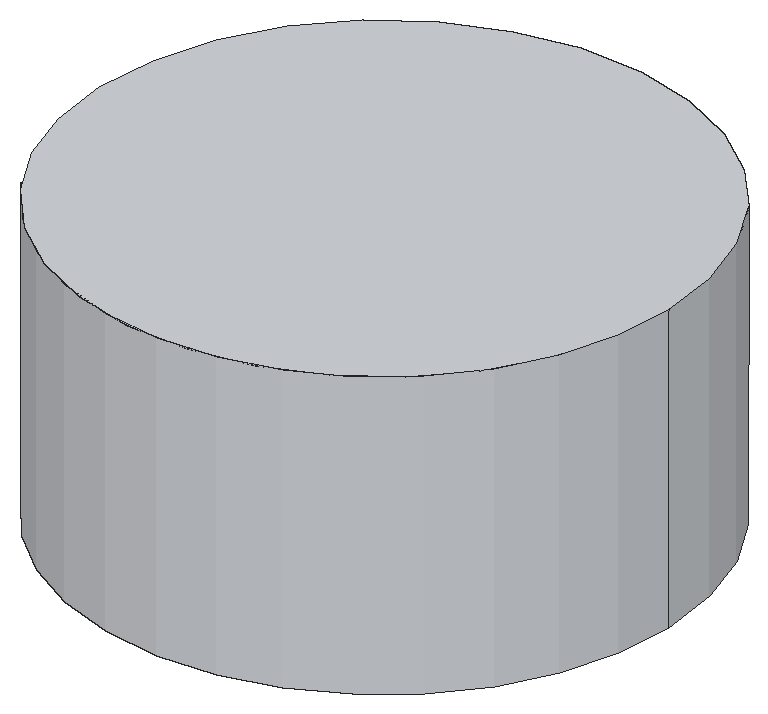
Revit family "08753000", category Specialty Equipment, Revit 2023
Family settings
  Round Connector Dimension = Use Diameter
  Part Type = Normal
  OmniClass Number = 23.40.40.00
  OmniClass Title = Food Service Equipment and Furnishings
  Work Plane-Based = No
  Enable Cutting in Views = Yes
  Always vertical = Yes
  Cut with Voids When Loaded = No
  Maintain Annotation Orientation = No
  Shared = No
  Room Calculation Point = No
Parameters (values of type "Standard")
  URL = "https://www.rustfriebergh.no/produkter/vannbad-varmeskap-varmeri/rbvp-st%C3%A5l"
  Model = "08753000"
  Manufacturer = "Rustfriebergh AS"
  Description = "Varmeplate RBVP-Stål-3 GN"
  Default Elevation = 0 mm
Reference planes
  plane 1 "Center (Front/Back)": y = 0
  plane 2: z = 0
  plane 3 "Center (Left/Right)": x = 0
Forms (mm)
  Extrusion 1, solid
    sketch origin (275.16, -272.767, 456.5) x (1, 0, 0) y (0, 1, 0)
      loop
        circle (0, 0) r 3.048
    from 0 to -3.048
Dimensions and locks
  aligned and locked: level to plane 2
Connectors
  electrical at (275.16, -272.767, 456.5)
    settings: on Extrusion 1, index 1, voltage 230 V, apparent load 1200 VA, apparent load phase1 0 VA, apparent load phase2 0 VA, apparent load phase3 0 VA, power factor 0, load classification "Other", number of poles 1, system type 30, power factor state 1, is connector primary yes, connector utility no, sub classification motor no, connector description "Tilførselkabel"
